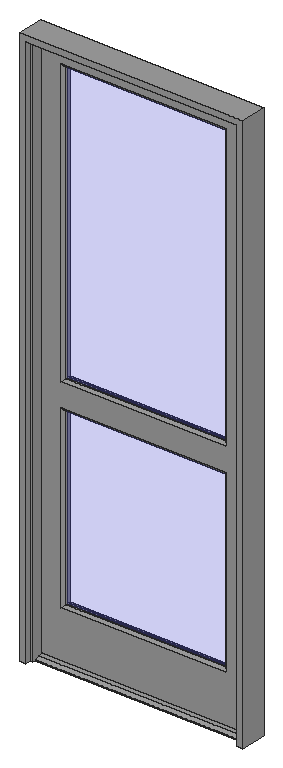
Revit family "MS-375 PIVOT DOOR-VIP-0.25-CW_v05", category Curtain Panels, Revit 2015
Parameters
  Width [instance] = 3' - 2"
  VIP2 Panic Devices [instance] = not(VIP1 Panic Devices)  # yes
  URL = "obe.com"
  Rough Width [instance] = 3' - 2"
  Panel Width [instance] = [Min-Max Panel Width]  # 3' - 0"
  Panel Offset [instance] = 0' - 0"
  Offset [instance] = 0' - 1"
  Model = "MS-375 DOOR"
  Min-Max Rough Width [instance] = if(and((Rough Width > 3' 1 255/256"), (Rough Width < 3' 8 1/256")), Rough Width, 3' 8")  # 3' - 2"
  Min-Max Panel Width [instance] = if(and((Rough Width > 3' 1 255/256"), (Rough Width < 3' 8 1/256")), Rough Width - 0' 2", 3' 6")  # 3' - 0"
  Manufacturer = "Oldcastle BuildingEnvelope®"
  Keynote = "08 11 00"
  Height [instance] = 8' - 0"
  Pushbar Height [instance] = 3' - 5 1/4"  # constant formula
  Glass Material = Glass
  Frame Material = Aluminum
  Door Panel Height [instance] = Height - 0' 0 5/8"  # 7' - 11 3/8"
  Description = "MS-375 - 1/4\" Door Infill"
  Assembly Code = "B2030"
  Analytic Construction = "<None>"
  VIP1 Panic Devices [instance] = no
  10 Bottom Rail [instance] = not([8 Bottom Rail])  # no
  8 Bottom Rail [instance] = yes
Reference planes (in)
  plane 1 "Front": y = 0
  plane 2: z = 0
  plane 3 "Center (Left/Right)": x = 0
  plane 4 "Left": x = -19
  plane 5 "Right": x = 19
  plane 6 "Top": z = 96
  plane 7 "Offset": y = -1
  plane 8: y = -2.28244
  plane 9: y = -2.28244
  plane 10: x = -19
  plane 11: x = 19
Forms (in)
  Sweep 1, solid, material "Aluminum" <- "Frame Material"
    path origin (0, -1, 0) x (-1, 0, 0) y (0, 0, 1)
      loop
        line (19, 0) -> (19, 96)
    profile origin (-19, -1, 48) x (1, 0, 0) y (0, 1, 0)
      loop
        line (1, -1.97) -> (1, 0) -> (0, 0) -> (0, -4.5) -> (1, -4.5) -> (1, -3.595) -> (1.5, -3.595) -> (1.5, -1.97) -> (1, -1.97)
  Sweep 2, solid, material "Aluminum" <- "Frame Material"
    path origin (0, -1, 0) x (-1, 0, 0) y (0, 0, 1)
      loop
        line (-19, 0) -> (-19, 96)
    profile origin (19, -1, 48) x (1, 0, 0) y (0, 1, 0)
      loop
        line (-1, -1.97) -> (-1.5, -1.97) -> (-1.5, -3.595) -> (-1, -3.595) -> (-1, -4.5) -> (0, -4.5) -> (0, 0) -> (-1, 0) -> (-1, -1.97)
  Extrusion 3, solid, material "Aluminum" <- "Frame Material"
    sketch origin (-19, 0, 0) x (0, -1, 0) y (0, 0, 1)
      loop
        line (2.97, 94.5) -> (4.595, 94.5) -> (4.595, 95) -> (5.5, 95) -> (5.5, 96) -> (1, 96) -> (1, 95) -> (2.97, 95) -> (2.97, 94.5)
    from -38 to 0
Cuts and joins
  joined: Sweep 1, Sweep 2, Extrusion 3
Text (in)
  text "Exterior" at (-54.29358, 31.38743, 0), in view "Ref. Level"
  text "Exterior" at (480, 41.53993, 89.60405), in view "Right"
  text "Exterior" at (-240, 57.82419, 105.78864), in view "Left"
Dimensions and locks (in)
  equal spacing: plane 4 "Left", plane 3 "Center (Left/Right)", plane 5 "Right"
  "Width": plane 4 "Left" to plane 5 "Right"
  "Height": plane 6 "Top" to plane 2
  "Offset": plane 1 "Front" to plane 7 "Offset"
  locked: plane 7 "Offset" to plane 8 at 1.28244
  locked: plane 7 "Offset" to plane 9 at 1.28244
  Extrusion 3 sketch curve to Extrusion 3 sketch curve to Extrusion 3 sketch curve = 0' - 0 1/2" locked, 0' - 0" locked
  Extrusion 3 sketch curve to Extrusion 3 sketch curve to Extrusion 3 sketch curve to Extrusion 3 sketch curve = 0' - 1.97" locked, 0' - 1 5/8" locked, 0' - 0.905" locked
  locked: Extrusion 3 sketch curve to Extrusion 3 sketch curve at 1
  equal spacing: plane 10, plane 3 "Center (Left/Right)", plane 11
  "Min-Max Rough Width": plane 10 to plane 11
  aligned and locked: level to plane 2
  aligned and locked: plane 6 "Top" to Sweep 1 sketch curve
  aligned and locked: level to Sweep 1 sketch curve
  aligned and locked: plane 6 "Top" to Sweep 2 sketch curve
  aligned and locked: level to Sweep 2 sketch curve
  aligned and locked: Extrusion 3 to plane 6 "Top"
  aligned and locked: Extrusion 3 sketch curve to plane 6 "Top"
  aligned and locked: plane 3 "Center (Left/Right)" to nested 1
  aligned and locked: nested 1 to plane 7 "Offset"  (x2)
  aligned and locked: plane 10 to Sweep 1 sketch curve
  aligned and locked: Sweep 2 sketch curve to plane 11
  aligned and locked: plane 11 to cut or joined group of Sweep 1, Sweep 2, Extrusion 3
  aligned and locked: plane 10 to cut or joined group of Sweep 1, Sweep 2, Extrusion 3
Automatic sketch dimensions
  Sweep 1 sketch curve to profile plane = 0' - 0"
  Sweep 1 sketch curve to plane 7 "Offset" = 0' - 0"
  Sweep 1 sketch curve to profile plane = 0' - 1"  (x2)
  Sweep 1 sketch curve to Sweep 1 sketch curve = 0' - 0 1/2"
  Sweep 1 sketch curve to plane 7 "Offset" = 0' - 1.97"
  Sweep 1 sketch curve to Sweep 1 sketch curve = 0' - 1 5/8"
  Sweep 1 sketch curve to Sweep 1 sketch curve = 0' - 0.905"
  Sweep 2 sketch curve to plane 7 "Offset" = 0' - 0"
  Sweep 2 sketch curve to profile plane = 0' - 0"
  profile plane to Sweep 2 sketch curve = 0' - 1"  (x2)
  Sweep 2 sketch curve to Sweep 2 sketch curve = 0' - 0 1/2"
  Sweep 2 sketch curve to plane 7 "Offset" = 0' - 1.97"
  Sweep 2 sketch curve to Sweep 2 sketch curve = 0' - 1 5/8"
  Sweep 2 sketch curve to Sweep 2 sketch curve = 0' - 0.905"
  Extrusion 3 sketch curve to plane 7 "Offset" = 0' - 0"
Nested families (in)
  nested 1: "MS-375 PIVOT DOOR-VIP-0.25-Panel_v04" at (0, -17, 0), Height <- "Door Panel Height", Frame Material <- "Frame Material", Glass Material <- "Glass Material", Width <- "Min-Max Panel Width", VIP1 Panic Devices <- "VIP1 Panic Devices", 8 Bottom Rail <- "8 Bottom Rail", type "MS-375 PIVOT DOOR-VIP-0.25-Panel_v04"
    with built-in parameter 1001301 3' - 0", VIP1 Panic Devices no, Pushbar Height 3' - 5 1/4", Offset 0' - 0", built-in parameter 1001300 7' - 11 3/8", Glass at Muntin 0' - 4 9/16", Glass Material Glass, Frame Material Aluminum, Bottom Rail 0' - 8 31/32", 8 Bottom Rail yes
Definition of nested family "MS-375 PIVOT DOOR-VIP-0.25-Panel_v04"
  Parameters (values of type "MS-375 PIVOT DOOR-VIP-0.25-Panel_v04")
    Width [instance] = 4' - 0"
    VIP1 Panic Devices [instance] = yes
    Offset [instance] = 0' - 10 29/32"
    Height [instance] = 8' - 0"
    Glass at Muntin [instance] = if(VIP1 Panic Devices, 0' 8 9/16", 0' 4 9/16")  # 0' - 8 9/16"
    Pushbar Height [instance] = 3' - 5 1/4"  # constant formula
    Glass Material [instance] = none
    Frame Material [instance] = none
    Bottom Rail [instance] = if([8 Bottom Rail], 0' 8 31/32", 0' 10 31/32")  # 0' - 8 31/32"
    Analytic Construction = "<None>"
    8 Bottom Rail [instance] = yes
  Reference planes (in)
    plane 1 "00": y = 4.09375
    plane 2: z = 0
    plane 3 "Center (Left/Right)": x = 0
    plane 4: z = 96
    plane 5: x = 24
    plane 6: x = -24
    plane 7 "Center (Front/Back)": y = 16
    plane 8 "Exterior": y = 4.21875
    plane 9: z = 48
    plane 10: z = 92.21875
    plane 11: x = 19.87979
    plane 12: x = -19.87021
    plane 13: y = 5.09375
    plane 14: z = 45.53125
    plane 15: z = 36.96875
    plane 16: z = 92.21875
    plane 17: z = 41.25
  Forms (in)
    Sweep 1, solid, material <- "Frame Material"
      path origin (0, 4.09375, 0) x (1, 0, 0) y (0, 0, 1)
        loop
          line (-23.79133, 96) -> (23.80204, 96)
      profile origin (0.00535, 4.09375, 96) x (0, 0, 1) y (0, -1, 0)
        loop
          line (-0.375, -0.875) -> (-0.375, 0.875) -> (-3.49593, 0.875) -> (-4, 0.45204) -> (-4, 0.125) -> (-3.78125, 0.125) -> (-3.78125, -0.125) -> (-4, -0.125) -> (-4, -0.45204) -> (-3.49593, -0.875) -> (-0.375, -0.875)
    Extrusion 2, solid, material <- "Glass Material"
      sketch origin (0, 0, 0) x (0, 1, 0) y (0, 0, 1)
        loop
          line (4.21875, 36.96875) -> (3.96875, 36.96875) -> (3.96875, 8.96875) -> (4.21875, 8.96875) -> (4.21875, 36.96875)
      from -19.87021 to 19.87979
    Sweep 3, solid, material <- "Frame Material"
      path origin (0, 4.09375, 0) x (1, 0, 0) y (0, 0, 1)
        loop
          line (23.80204, 0) -> (-23.79133, 0)
      profile origin (0.00535, 4.09375, 0) x (0, 0, -1) y (0, -1, 0)
        loop
          line (-8.68343, -0.875) -> (-0.6875, -0.875) -> (-0.6875, 0.875) -> (-8.68343, 0.875) -> (-9.1875, 0.45204) -> (-9.1875, 0.125) -> (-8.96875, 0.125) -> (-8.96875, -0.125) -> (-9.1875, -0.125) -> (-9.1875, -0.45204) -> (-8.68343, -0.875)
    Sweep 4, solid, material <- "Frame Material"
      path origin (0, 4.09375, 0) x (1, 0, 0) y (0, 0, 1)
        loop
          line (24, 95.625) -> (24, 0.6875)
      profile origin (24, 4.09375, 48.15625) x (0, -1, 0) y (1, 0, 0)
        loop
          line (0.875, -0.19796) -> (-0.875, -0.08896) -> (-0.875, -3.83489) -> (-0.45204, -4.33896) -> (-0.125, -4.33896) -> (-0.125, -4.12021) -> (0.125, -4.12021) -> (0.125, -4.33896) -> (0.45204, -4.33896) -> (0.875, -3.83489) -> (0.875, -0.19796)
    Sweep 5, solid, material <- "Frame Material"
      path origin (0, 4.09375, 0) x (1, 0, 0) y (0, 0, 1)
        loop
          line (-24, 95.625) -> (-24, 0.6875)
      profile origin (-24, 4.09375, 48.15625) x (0, -1, 0) y (1, 0, 0)
        loop
          line (-0.875, 0.09967) -> (0.875, 0.20867) -> (0.875, 3.84447) -> (0.45204, 4.34854) -> (0.125, 4.34854) -> (0.125, 4.12979) -> (-0.125, 4.12979) -> (-0.125, 4.34854) -> (-0.45204, 4.34854) -> (-0.875, 3.84447) -> (-0.875, 0.09967)
    Extrusion 6, solid, material <- "Glass Material"
      sketch origin (0, 0, 0) x (0, 1, 0) y (0, 0, 1)
        loop
          line (3.96875, 92.21875) -> (3.96875, 45.53125) -> (4.21875, 45.53125) -> (4.21875, 92.21875) -> (3.96875, 92.21875)
      from -19.87021 to 19.87979
    Sweep 7, solid, material <- "Frame Material"
      path origin (0, 4.09375, 0) x (1, 0, 0) y (0, 0, 1)
        loop
          line (23.80204, 48) -> (-23.79133, 48)
      profile origin (0.00535, 4.09375, 48) x (0, 0, -1) y (0, -1, 0)
        loop
          line (2.25, 0.45204) -> (2.25, 0.125) -> (2.46875, 0.125) -> (2.46875, -0.125) -> (2.25, -0.125) -> (2.25, -0.45204) -> (2.75407, -0.875) -> (10.74593, -0.875) -> (11.25, -0.45204) -> (11.25, -0.125) -> (11.03125, -0.125) -> (11.03125, 0.125) -> (11.25, 0.125) -> (11.25, 0.45204) -> (10.74593, 0.875) -> (2.75407, 0.875) -> (2.25, 0.45204)
    Sweep 8, solid, material <- "Frame Material"
      path origin (0, 4.09375, 0) x (1, 0, 0) y (0, 0, 1)
        loop
          line (-23.79133, 0) -> (23.80167, 0)
      profile origin (0.00517, 4.09375, 0) x (0, 0, 1) y (0, -1, 0)
        loop
          line (0.5, 1.5305) -> (0.19364, 2.1875) -> (0, 2.1875) -> (0, -1.8125) -> (0.19364, -1.8125) -> (0.5, -1.1555) -> (0.5, 1.5305)
  Cuts and joins
    joined: Sweep 1, Sweep 3, Sweep 4, Sweep 5, Sweep 7
  Lines and regions (in)
    model lines
      curve 1: line (19.87979, 4.09375, 92.21875) -> (-19.87021, 4.09375, 48)
      curve 2: line (-19.87021, 4.09375, 48) -> (19.87979, 4.09375, 8.96875)
  Dimensions and locks (in)
    "Height": plane 4 to level
    "Width": plane 6 to plane 5
    Extrusion 2 sketch curve to plane 1 "00" to Extrusion 2 sketch curve = 0' - 0 1/8" locked, 0' - 0 1/8" locked
    "Bottom Rail": Extrusion 2 sketch curve to level
    locked: plane 11 to plane 5 at 4.12021
    locked: plane 6 to plane 12 at 4.12979
    "Offset": plane 13 to plane 7 "Center (Front/Back)"
    plane 1 "00" to plane 8 "Exterior" to plane 13 = 0' - 0 1/8" locked, 0' - 0 7/8" locked
    equal spacing: level, plane 9, plane 4
    locked: Sweep 3 sketch curve to plane 6 at 0.20867
    locked: plane 5 to Sweep 3 sketch curve at 0.19796
    locked: Sweep 4 sketch curve to plane 4 at 0.375
    locked: Sweep 5 sketch curve to plane 4 at 0.375
    locked: Sweep 1 sketch curve to plane 6 at 0.20867
    locked: plane 5 to Sweep 1 sketch curve at 0.19796
    "Bottom Rail": Sweep 3 sketch curve to level
    Sweep 3 sketch curve to Sweep 3 sketch curve to Sweep 3 sketch curve to Sweep 3 sketch curve to Sweep 3 sketch curve = 0' - 0" locked, 0' - 0 7/32" locked, 0' - 0.28532" locked, 0' - 0" locked
    Extrusion 6 sketch curve to plane 1 "00" to Extrusion 6 sketch curve = 0' - 0 1/8" locked, 0' - 0 1/8" locked
    locked: plane 5 to Sweep 7 sketch curve at 0.19796
    locked: Sweep 7 sketch curve to plane 6 at 0.20867
    locked: plane 4 to plane 10 at 3.78125
    equal spacing: plane 6, plane 3 "Center (Left/Right)", plane 5
    locked: plane 16 to plane 4 at 3.78125
    "Glass at Muntin": plane 15 to plane 14
    locked: Sweep 7 sketch curve to plane 14 at 0.21875
    locked: Sweep 7 sketch curve to plane 15 at 0.21875  (x2)
    locked: plane 14 to Sweep 7 sketch curve at 0.21875
    equal spacing: plane 15, plane 17, plane 14
    "Pushbar Height": plane 2 to plane 17
    locked: plane 5 to Sweep 8 sketch curve at 0.19833
    locked: Sweep 8 sketch curve to plane 6 at 0.20867
    locked: Sweep 5 sketch curve to plane 2 at 0.6875
    locked: Sweep 4 sketch curve to plane 2 at 0.6875
    aligned and locked: plane 2 to level
    aligned and locked: Sweep 1 sketch curve to plane 4
    aligned and locked: Sweep 3 sketch curve to level
    aligned and locked: plane 5 to Sweep 4 sketch curve
    aligned and locked: plane 6 to Sweep 5 sketch curve
    aligned and locked: Sweep 7 sketch curve to plane 9
    aligned and locked: plane 11 to Extrusion 6
    aligned and locked: Extrusion 6 to plane 12
    aligned and locked: plane 11 to Extrusion 2
    aligned and locked: Extrusion 2 to plane 12
    aligned and locked: Extrusion 2 to curve 2
    aligned and locked: plane 9 to curve 2
    aligned and locked: Extrusion 6 to curve 2
    aligned and locked: Extrusion 6 to cut or joined group of Sweep 1, Sweep 3, Sweep 4, Sweep 5, Sweep 7
    aligned and locked: plane 14 to Extrusion 6
    aligned and locked: Extrusion 6 to plane 16
    aligned and locked: Extrusion 2 to plane 15
    aligned and locked: Sweep 8 sketch curve to plane 2
  Automatic sketch dimensions
    profile plane to Sweep 1 sketch curve = 0' - 0 3/8"
    Sweep 1 sketch curve to plane 1 "00" = 0' - 0 7/8"
    Sweep 1 sketch curve to Sweep 1 sketch curve = 0' - 3.12093"
    Sweep 1 sketch curve to plane 1 "00" = 0' - 0.45204"
    Sweep 1 sketch curve to Sweep 1 sketch curve = 0' - 0.50407"  (x2)
    Sweep 1 sketch curve to plane 1 "00" = 0' - 0 1/8"
    Sweep 1 sketch curve to Sweep 1 sketch curve = 0' - 0 7/32"  (x2)
    plane 1 "00" to Sweep 1 sketch curve = 0' - 0 1/8"
    plane 1 "00" to Sweep 1 sketch curve = 0' - 0 7/8"
    Sweep 1 sketch curve to Sweep 1 sketch curve = 0' - 0.32704"
    level to Extrusion 6 sketch curve = 3' - 9 17/32"
    Extrusion 6 sketch curve to plane 4 = 0' - 3 25/32"
    Sweep 5 sketch curve to plane 1 "00" = 0' - 0 7/8"
    Sweep 5 sketch curve to plane 1 "00" = 0' - 0.45204"
    Sweep 5 sketch curve to plane 1 "00" = 0' - 0 1/8"
    plane 1 "00" to Sweep 5 sketch curve = 0' - 0 1/8"
    Sweep 5 sketch curve to Sweep 5 sketch curve = 0' - 0.32704"
    Sweep 5 sketch curve to Sweep 5 sketch curve = 0' - 0.42296"
    Sweep 5 sketch curve to profile plane = 0' - 3.84447"
    Sweep 5 sketch curve to Sweep 5 sketch curve = 0' - 0"
    Sweep 5 sketch curve to Sweep 5 sketch curve = 0' - 0.28532"
    Sweep 5 sketch curve to Sweep 5 sketch curve = 0' - 0 7/32"  (x2)
    Sweep 5 sketch curve to profile plane = 0' - 0.20867"
    Sweep 5 sketch curve to profile plane = 0' - 0.09967"
    curve 1 to plane 4 = 0' - 3 25/32"
    Sweep 7 sketch curve to Sweep 7 sketch curve = 0' - 0 7/32"  (x2)
    Sweep 7 sketch curve to plane 1 "00" = 0' - 0 7/8"
    Sweep 7 sketch curve to plane 1 "00" = 0' - 0.45204"  (x2)
    Sweep 7 sketch curve to plane 1 "00" = 0' - 0 1/8"  (x2)
    plane 1 "00" to Sweep 7 sketch curve = 0' - 0 1/8"  (x2)
    Sweep 7 sketch curve to Sweep 7 sketch curve = 0' - 0.32704"  (x2)
    Sweep 7 sketch curve to Sweep 7 sketch curve = 0' - 0.42296"
    Sweep 7 sketch curve to Sweep 7 sketch curve = 0' - 0.50407"  (x2)
    Sweep 7 sketch curve to Sweep 7 sketch curve = 0' - 0.28532"  (x2)
    Sweep 8 sketch curve to profile plane = 0' - 0.19364"  (x2)
    Sweep 8 sketch curve to plane 1 "00" = 0' - 1 13/16"
    Sweep 8 sketch curve to profile plane = 0' - 0 1/2"
    Sweep 8 sketch curve to Sweep 8 sketch curve = 0' - 0.657"  (x2)
    plane 1 "00" to Sweep 8 sketch curve = 0' - 2 3/16"
    profile plane to Sweep 8 sketch curve = 0' - 0"
    profile plane to Sweep 4 sketch curve = 0' - 0.08896"
    Sweep 4 sketch curve to plane 1 "00" = 0' - 0 7/8"
    Sweep 4 sketch curve to plane 1 "00" = 0' - 0.45204"
    Sweep 4 sketch curve to plane 1 "00" = 0' - 0 1/8"
    plane 1 "00" to Sweep 4 sketch curve = 0' - 0 1/8"
    Sweep 4 sketch curve to Sweep 4 sketch curve = 0' - 0.32704"
    Sweep 4 sketch curve to Sweep 4 sketch curve = 0' - 0.42296"
    profile plane to Sweep 4 sketch curve = 0' - 0.19796"
    Sweep 4 sketch curve to Sweep 4 sketch curve = 0' - 3.74593"
    Sweep 4 sketch curve to Sweep 4 sketch curve = 0' - 0"
    Sweep 4 sketch curve to Sweep 4 sketch curve = 0' - 0.28532"
    Sweep 4 sketch curve to Sweep 4 sketch curve = 0' - 0 7/32"  (x2)
    curve 2 to plane 11 = 0' - 0"
    curve 1 to plane 11 = 0' - 0"
    plane 15 to Extrusion 2 sketch curve = 0' - 0"
    profile plane to Sweep 3 sketch curve = 0' - 0 11/16"
    Sweep 3 sketch curve to plane 1 "00" = 0' - 0 7/8"
    Sweep 3 sketch curve to plane 1 "00" = 0' - 0.45204"
    Sweep 3 sketch curve to plane 1 "00" = 0' - 0 1/8"
    plane 1 "00" to Sweep 3 sketch curve = 0' - 0 1/8"
    Sweep 3 sketch curve to Sweep 3 sketch curve = 0' - 0.32704"
    Sweep 3 sketch curve to Sweep 3 sketch curve = 0' - 0.42296"
